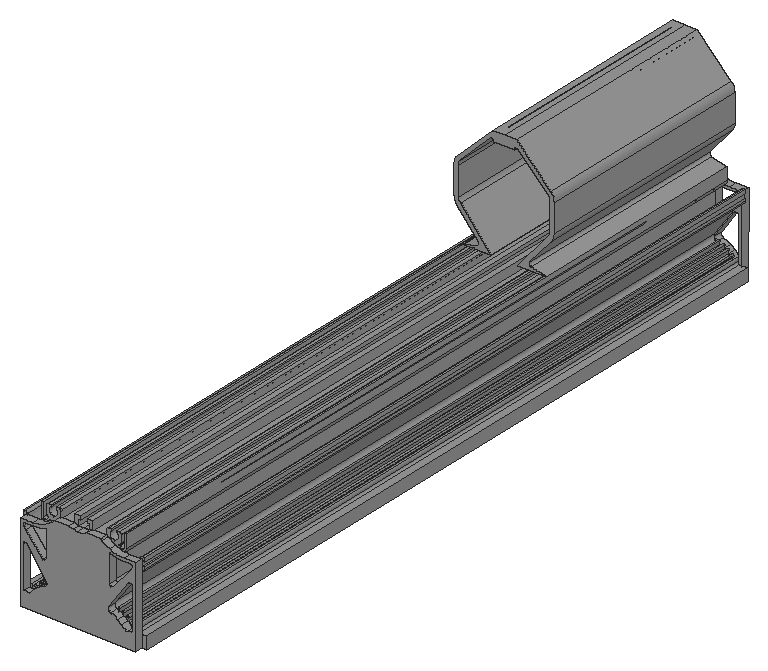
Revit family "L-street 24 Standart", category Осветительные приборы, Revit 2017 (continued)
Types (7, lengths in mm): name | built-in parameter 1150134 | Файл фотометрической сетки | built-in parameter 1150105 | Lumens | built-in parameter 1150106 | built-in parameter 1150142 | Wattage | built-in parameter 1150107 | Артикул
    2 11.457 11.457 0.00 0.00 0.00 0.00 0.00 0.00 0.00 0.00 0.00 0.00 0.00 0.00 0.00 0.00 0.00 0.00 0.00 0.00 0.00 \r\n0.00 0.00 0.00 0.00 0.00 0.00 0.00 0.00 0.00 0.00 0.00 0.00 0.00 0.00 0.00 0.00 0.00\r\n1229.747 1166.845 1129.611 1092.377 1059.153 1031.658 1004.735 975.521 942.87 907.928 867.83 824.295 781.333 727.488 641.564 \r\n544.757 462.843 394.104 336.248 279.539 229.13 190.178 170.129 155.236 136.332 113.992 92.225 71.603 55.564 44.68 34.942 26.923 \r\n20.049 14.893 12.602 11.457 11.457 0.00 0.00 0.00 0.00 0.00 0.00 0.00 0.00 0.00 0.00 0.00 0.00 0.00 0.00 0.00 0.00 0.00 0.00 0.00 \r\n0.00 0.00 0.00 0.00 0.00 0.00 0.00 0.00 0.00 0.00 0.00 0.00 0.00 0.00 0.00 0.00 0.00\r\n1229.747 1163.122 1125.029 1086.936 1053.998 1025.93 999.007 969.793 937.142 901.341 860.67 816.849 772.741 714.886 629.821 536.451\r\n 457.401 391.526 333.957 278.393 227.698 189.033 170.416 155.809 136.905 113.992 91.652 71.603 56.137 44.967 35.229 26.923 20.049 \r\n14.893 12.602 11.457 11.457 0.00 0.00 0.00 0.00 0.00 0.00 0.00 0.00 0.00 0.00 0.00 0.00 0.00 0.00 0.00 0.00 0.00 0.00 0.00 0.00 \r\n0.00 0.00 0.00 0.00 0.00 0.00 0.00 0.00 0.00 0.00 0.00 0.00 0.00 0.00 0.00 0.00\r\n1229.747 1159.398 1120.446 1081.494 1048.843 1020.201 993.279 964.064 931.413 894.753 853.509 809.402 764.149 702.283 618.078 \r\n528.145 451.959 388.948 331.666 277.247 226.266 187.887 170.702 156.381 137.478 113.992 91.079 71.603 56.71 45.253 35.515 26.923 \r\n20.049 14.893 12.602 11.457 11.457 0.00 0.00 0.00 0.00 0.00 0.00 0.00 0.00 0.00 0.00 0.00 0.00 0.00 0.00 0.00 0.00 0.00 0.00 0.00 \r\n0.00 0.00 0.00 0.00 0.00 0.00 0.00 0.00 0.00 0.00 0.00 0.00 0.00 0.00 0.00 0.00 0.00\r\n1229.747 1160.257 1120.733 1081.494 1048.557 1020.201 992.42 962.632 930.268 893.035 851.218 805.392 756.702 694.263 612.636 \r\n525.281 449.095 384.938 327.942 274.383 224.834 188.46 172.993 158.959 139.77 114.565 90.793 72.749 58.142 46.399 36.088 26.923 \r\n19.763 14.893 12.316 11.171 11.457 0.00 0.00 0.00 0.00 0.00 0.00 0.00 0.00 0.00 0.00 0.00 0.00 0.00 0.00 0.00 0.00 0.00 0.00 0.00 \r\n0.00 0.00 0.00 0.00 0.00 0.00 0.00 0.00 0.00 0.00 0.00 0.00 0.00 0.00 0.00 0.00 0.00\r\n1229.747 1161.116 1121.019 1081.494 1048.27 1020.201 991.56 961.20 929.122 891.316 848.927 801.382 749.255 686.244 607.195 522.416 \r\n446.231 380.929 324.219 271.519 223.402 189.032 175.284 161.537 142.061 115.138 90.506 73.894 59.574 47.544 36.661 26.923 19.476 \r\n14.893 12.029 10.884 11.457 0.00 0.00 0.00 0.00 0.00 0.00 0.00 0.00 0.00 0.00 0.00 0.00 0.00 0.00 0.00 0.00 0.00 0.00 0.00 0.00 \r\n0.00 0.00 0.00 0.00 0.00 0.00 0.00 0.00 0.00 0.00 0.00 0.00 0.00 0.00 0.00 0.00\r\n1229.747 1167.417 1127.034 1086.649 1051.707 1023.066 994.711 964.637 932.273 895.326 852.364 804.533 751.833 689.395 612.923 \r\n531.009 454.823 388.662 331.093 277.248 228.271 191.61 177.862 166.406 147.216 119.721 93.371 76.186 61.865 48.977 37.807 27.21 \r\n18.903 14.607 11.743 10.884 11.171 0.00 0.00 0.00 0.00 0.00 0.00 0.00 0.00 0.00 0.00 0.00 0.00 0.00 0.00 0.00 0.00 0.00 0.00 0.00 \r\n0.00 0.00 0.00 0.00 0.00 0.00 0.00 0.00 0.00 0.00 0.00 0.00 0.00 0.00 0.00 0.00 0.00\r\n1229.747 1173.718 1133.048 1091.804 1055.144 1025.93 997.861 968.074 935.423 899.335 855.801 807.683 754.411 692.545 618.651 \r\n539.601 463.415 396.395 337.967 282.976 233.14 194.188 180.44 171.275 152.371 124.303 96.235 78.477 64.156 50.409 38.952 27.496 \r\n18.33 14.321 11.457 10.884 10.884 0.00 0.00 0.00 0.00 0.00 0.00 0.00 0.00 0.00 0.00 0.00 0.00 0.00 0.00 0.00 0.00 0.00 0.00 0.00 \r\n0.00 0.00 0.00 0.00 0.00 0.00 0.00 0.00 0.00 0.00 0.00 0.00 0.00 0.00 0.00 0.00 0.00\r\n1229.747 1167.417 1127.033 1086.649 1051.707 1023.066 994.711 964.637 932.273 895.325 852.364 804.533 751.833 689.395 612.923 \r\n531.008 454.823 388.662 331.093 277.247 228.271 191.61 177.862 166.406 147.216 119.72 93.371 76.186 61.865 48.977 37.807 27.21 \r\n18.903 14.607 11.743 10.884 11.171 0.00 0.00 0.00 0.00 0.00 0.00 0.00 0.00 0.00 0.00 0.00 0.00 0.00 0.00 0.00 0.00 0.00 0.00 0.00 \r\n0.00 0.00 0.00 0.00 0.00 0.00 0.00 0.00 0.00 0.00 0.00 0.00 0.00 0.00 0.00 0.00 0.00\r\n1229.747 1161.116 1121.019 1081.494 1048.27 1020.201 991.56 961.20 929.122 891.316 848.927 801.382 749.255 686.244 607.195 522.416 \r\n446.231 380.929 324.219 271.519 223.402 189.032 175.284 161.537 142.061 115.138 90.506 73.894 59.574 47.544 36.661 26.923 19.476 \r\n14.893 12.029 10.884 11.457 0.00 0.00 0.00 0.00 0.00 0.00 0.00 0.00 0.00 0.00 0.00 0.00 0.00 0.00 0.00 0.00 0.00 0.00 0.00 0.00 \r\n0.00 0.00 0.00 0.00 0.00 0.00 0.00 0.00 0.00 0.00 0.00 0.00 0.00 0.00 0.00 0.00\r\n1229.747 1160.257 1120.733 1081.494 1048.557 1020.201 992.42 962.632 930.268 893.035 851.218 805.392 756.702 694.264 612.637 \r\n525.281 449.095 384.939 327.943 274.383 224.834 188.46 172.993 158.959 139.77 114.565 90.793 72.749 58.142 46.399 36.088 26.923 \r\n19.763 14.893 12.316 11.171 11.457 0.00 0.00 0.00 0.00 0.00 0.00 0.00 0.00 0.00 0.00 0.00 0.00 0.00 0.00 0.00 0.00 0.00 0.00 0.00 \r\n0.00 0.00 0.00 0.00 0.00 0.00 0.00 0.00 0.00 0.00 0.00 0.00 0.00 0.00 0.00 0.00 0.00\r\n1229.747 1159.398 1120.446 1081.494 1048.843 1020.201 993.279 964.064 931.413 894.753 853.509 809.402 764.149 702.283 618.078 \r\n528.145 451.959 388.948 331.666 277.247 226.266 187.887 170.702 156.381 137.478 113.992 91.079 71.603 56.71 45.253 35.515 26.923 \r\n20.049 14.893 12.602 11.457 11.457 0.00 0.00 0.00 0.00 0.00 0.00 0.00 0.00 0.00 0.00 0.00 0.00 0.00 0.00 0.00 0.00 0.00 0.00 0.00 \r\n0.00 0.00 0.00 0.00 0.00 0.00 0.00 0.00 0.00 0.00 0.00 0.00 0.00 0.00 0.00 0.00 0.00\r\n1229.747 1163.122 1125.029 1086.936 1053.998 1025.93 999.007 969.793 937.142 901.341 860.67 816.849 772.741 714.886 629.821 536.451\r\n 457.401 391.526 333.957 278.393 227.698 189.033 170.416 155.809 136.905 113.992 91.652 71.603 56.137 44.967 35.229 26.923 20.049 \r\n14.893 12.602 11.457 11.457 0.00 0.00 0.00 0.00 0.00 0.00 0.00 0.00 0.00 0.00 0.00 0.00 0.00 0.00 0.00 0.00 0.00 0.00 0.00 0.00 \r\n0.00 0.00 0.00 0.00 0.00 0.00 0.00 0.00 0.00 0.00 0.00 0.00 0.00 0.00 0.00 0.00\r\n1229.747 1166.845 1129.611 1092.377 1059.153 1031.658 1004.735 975.521 942.87 907.928 867.83 824.295 781.333 727.488 641.564 \r\n544.757 462.843 394.104 336.248 279.539 229.13 190.178 170.129 155.236 136.332 113.992 92.225 71.603 55.564 44.68 34.942 26.923 \r\n20.049 14.893 12.602 11.457 11.457 0.00 0.00 0.00 0.00 0.00 0.00 0.00 0.00 0.00 0.00 0.00 0.00 0.00 0.00 0.00 0.00 0.00 0.00 0.00 \r\n0.00 0.00 0.00 0.00 0.00 0.00 0.00 0.00 0.00 0.00 0.00 0.00 0.00 0.00 0.00 0.00 0.00\r\n1229.747 1166.272 1130.184 1094.096 1061.731 1034.522 1007.313 978.385 946.594 911.938 872.699 829.737 786.202 733.503 651.016 \r\n553.922 469.717 400.405 341.117 284.122 233.426 193.329 170.989 155.809 136.905 115.997 94.803 74.181 57.283 44.68 34.656 26.35 \r\n19.19 14.893 12.602 11.457 11.457 0.00 0.00 0.00 0.00 0.00 0.00 0.00 0.00 0.00 0.00 0.00 0.00 0.00 0.00 0.00 0.00 0.00 0.00 0.00 \r\n0.00 0.00 0.00 0.00 0.00 0.00 0.00 0.00 0.00 0.00 0.00 0.00 0.00 0.00 0.00 0.00 0.00\r\n1229.747 1165.699 1130.757 1095.814 1064.309 1037.386 1009.891 981.249 950.317 915.947 877.568 835.179 791.071 739.517 660.467 \r\n563.087 476.59 406.706 345.986 288.704 237.722 196.479 171.848 156.381 137.478 118.002 97.38 76.759 59.001 44.68 34.37 25.777 18.33\r\n 14.893 12.602 11.457 11.457 0.00 0.00 0.00 0.00 0.00 0.00 0.00 0.00 0.00 0.00 0.00 0.00 0.00 0.00 0.00 0.00 0.00 0.00 0.00 0.00 \r\n0.00 0.00 0.00 0.00 0.00 0.00 0.00 0.00 0.00 0.00 0.00 0.00 0.00 0.00 0.00 0.00\r\n1229.747 1174.005 1139.063 1105.266 1073.761 1045.979 1019.343 991.56 962.06 929.409 892.175 849.213 803.674 754.984 685.672 \r\n593.447 503.513 429.333 366.322 308.18 255.194 208.795 179.008 162.11 144.925 126.022 106.259 87.07 69.312 52.414 38.38 27.782 \r\n19.763 15.753 13.462 12.03 12.03 0.00 0.00 0.00 0.00 0.00 0.00 0.00 0.00 0.00 0.00 0.00 0.00 0.00 0.00 0.00 0.00 0.00 0.00 0.00 \r\n0.00 0.00 0.00 0.00 0.00 0.00 0.00 0.00 0.00 0.00 0.00 0.00 0.00 0.00 0.00 0.00 0.00\r\n1229.747 1182.311 1147.369 1114.717 1083.212 1054.571 1028.794 1001.871 973.803 942.87 906.782 863.247 816.276 770.45 710.876 \r\n623.806 530.436 451.959 386.657 327.656 272.665 221.11 186.168 167.838 152.371 134.041 115.138 97.38 79.623 60.147 42.389 29.787 \r\n21.195 16.612 14.321 12.602 12.602 0.00 0.00 0.00 0.00 0.00 0.00 0.00 0.00 0.00 0.00 0.00 0.00 0.00 0.00 0.00 0.00 0.00 0.00 0.00 \r\n0.00 0.00 0.00 0.00 0.00 0.00 0.00 0.00 0.00 0.00 0.00 0.00 0.00 0.00 0.00 0.00 0.00\r\n1229.747 1182.598 1149.087 1117.295 1086.649 1058.867 1033.09 1006.454 978.672 948.026 912.797 870.121 822.864 774.173 714.313 \r\n631.826 540.747 459.979 392.099 331.093 274.67 224.261 188.46 168.984 153.231 135.187 115.997 96.235 77.045 56.424 38.952 27.209 \r\n19.763 16.326 13.748 12.602 12.602 0.00 0.00 0.00 0.00 0.00 0.00 0.00 0.00 0.00 0.00 0.00 0.00 0.00 0.00 0.00 0.00 0.00 0.00 0.00 \r\n0.00 0.00 0.00 0.00 0.00 0.00 0.00 0.00 0.00 0.00 0.00 0.00 0.00 0.00 0.00 0.00 0.00\r\n1229.747 1182.884 1150.805 1119.873 1090.086 1063.163 1037.386 1011.036 983.541 953.181 918.811 876.995 829.451 777.896 717.75 \r\n639.846 551.058 467.998 397.541 334.53 276.674 227.412 190.751 170.129 154.09 136.332 116.856 95.089 74.467 52.70 35.515 24.631 \r\n18.33 16.039 13.175 12.602 12.602 0.00 0.00 0.00 0.00 0.00 0.00 0.00 0.00 0.00 0.00 0.00 0.00 0.00 0.00 0.00 0.00 0.00 0.00 0.00 \r\n0.00 0.00 0.00 0.00 0.00 0.00 0.00 0.00 0.00 0.00 0.00 0.00 0.00 0.00 0.00 0.00 0.00\r\n1229.747 1185.462 1155.102 1125.888 1096.96 1070.897 1045.406 1019.915 992.993 964.351 931.414 891.602 845.777 795.081 737.226 \r\n666.196 581.418 495.207 419.308 353.433 293.573 241.446 201.348 179.008 164.401 148.075 126.594 101.963 77.332 52.70 34.943 24.631 \r\n19.19 16.326 14.034 12.602 12.602 0.00 0.00 0.00 0.00 0.00 0.00 0.00 0.00 0.00 0.00 0.00 0.00 0.00 0.00 0.00 0.00 0.00 0.00 0.00 \r\n0.00 0.00 0.00 0.00 0.00 0.00 0.00 0.00 0.00 0.00 0.00 0.00 0.00 0.00 0.00 0.00 0.00\r\n1229.747 1188.039 1159.398 1131.902 1103.834 1078.63 1053.425 1028.794 1002.444 975.521 944.016 906.209 862.102 812.266 756.702 \r\n692.545 611.777 522.416 441.075 372.336 310.471 255.48 211.945 187.887 174.712 159.818 136.332 108.837 80.196 52.70 34.37 24.631 \r\n20.049 16.612 14.893 12.602 12.602 0.00 0.00 0.00 0.00 0.00 0.00 0.00 0.00 0.00 0.00 0.00 0.00 0.00 0.00 0.00 0.00 0.00 0.00 0.00 \r\n0.00 0.00 0.00 0.00 0.00 0.00 0.00 0.00 0.00 0.00 0.00 0.00 0.00 0.00 0.00 0.00 0.00\r\n1229.747 1192.335 1165.699 1139.349 1112.713 1087.795 1063.736 1039.678 1013.901 987.837 958.05 923.108 881.865 834.606 781.047 \r\n719.755 645.86 559.077 473.44 399.832 335.389 277.248 229.13 201.062 187.887 174.998 150.08 117.43 82.201 50.982 33.797 25.491 \r\n20.908 17.185 15.18 12.889 12.602 0.00 0.00 0.00 0.00 0.00 0.00 0.00 0.00 0.00 0.00 0.00 0.00 0.00 0.00 0.00 0.00 0.00 0.00 0.00 \r\n0.00 0.00 0.00 0.00 0.00 0.00 0.00 0.00 0.00 0.00 0.00 0.00 0.00 0.00 0.00 0.00 0.00\r\n1229.747 1196.631 1172.00 1146.796 1121.591 1096.96 1074.047 1050.561 1025.357 1000.152 972.084 940.006 901.627 856.946 805.392 \r\n746.964 679.943 595.738 505.804 427.327 360.307 299.015 246.315 214.237 201.062 190.178 163.828 126.022 84.205 49.263 33.224 26.35 \r\n21.767 17.758 15.466 13.175 12.602 0.00 0.00 0.00 0.00 0.00 0.00 0.00 0.00 0.00 0.00 0.00 0.00 0.00 0.00 0.00 0.00 0.00 0.00 0.00 \r\n0.00 0.00 0.00 0.00 0.00 0.00 0.00 0.00 0.00 0.00 0.00 0.00 0.00 0.00 0.00 0.00 0.00\r\n1229.747 1201.50 1179.161 1156.248 1132.189 1108.703 1086.649 1064.882 1041.11 1017.051 990.701 960.914 926.545 885.301 836.611 \r\n782.479 723.478 649.87 562.801 477.736 404.128 338.826 279.825 236.577 217.388 209.081 184.45 138.624 85.065 48.977 34.656 28.069 \r\n23.486 19.477 16.039 13.175 12.889 0.00 0.00 0.00 0.00 0.00 0.00 0.00 0.00 0.00 0.00 0.00 0.00 0.00 0.00 0.00 0.00 0.00 0.00 0.00 \r\n0.00 0.00 0.00 0.00 0.00 0.00 0.00 0.00 0.00 0.00 0.00 0.00 0.00 0.00 0.00 0.00 0.00\r\n1229.747 1206.369 1186.321 1165.699 1142.786 1120.446 1099.251 1079.202 1056.862 1033.949 1009.318 981.822 951.462 913.656 867.83 \r\n817.994 767.013 704.002 619.797 528.145 447.949 378.637 313.335 258.917 233.713 227.984 205.071 151.226 85.924 48.69 36.088 29.787 \r\n25.204 21.195 16.612 13.175 13.175 0.00 0.00 0.00 0.00 0.00 0.00 0.00 0.00 0.00 0.00 0.00 0.00 0.00 0.00 0.00 0.00 0.00 0.00 0.00 \r\n0.00 0.00 0.00 0.00 0.00 0.00 0.00 0.00 0.00 0.00 0.00 0.00 0.00 0.00 0.00 0.00 0.00\r\n1229.747 1209.234 1191.476 1172.573 1151.665 1131.33 1112.14 1093.237 1072.329 1050.275 1026.789 1001.012 973.23 938.86 897.904 \r\n852.65 805.965 748.969 673.929 585.714 499.217 423.318 353.147 291.855 255.194 240.30 209.081 144.352 78.191 47.831 36.375 30.074 \r\n25.777 21.481 17.185 14.034 13.175 0.00 0.00 0.00 0.00 0.00 0.00 0.00 0.00 0.00 0.00 0.00 0.00 0.00 0.00 0.00 0.00 0.00 0.00 0.00 \r\n0.00 0.00 0.00 0.00 0.00 0.00 0.00 0.00 0.00 0.00 0.00 0.00 0.00 0.00 0.00 0.00 0.00\r\n1229.747 1212.098 1196.631 1179.447 1160.543 1142.213 1125.028 1107.271 1087.795 1066.60 1044.26 1020.201 994.997 964.064 927.977 \r\n887.306 844.917 793.935 728.061 643.282 550.485 467.998 392.958 324.792 276.674 252.616 213.091 137.478 70.457 46.972 36.661 30.36 \r\n26.35 21.767 17.758 14.893 13.175 0.00 0.00 0.00 0.00 0.00 0.00 0.00 0.00 0.00 0.00 0.00 0.00 0.00 0.00 0.00 0.00 0.00 0.00 0.00 \r\n0.00 0.00 0.00 0.00 0.00 0.00 0.00 0.00 0.00 0.00 0.00 0.00 0.00 0.00 0.00 0.00 0.00\r\n1229.747 1215.821 1201.787 1186.894 1169.709 1153.097 1137.631 1121.305 1103.834 1084.072 1062.591 1039.964 1016.765 988.696 \r\n956.618 921.676 884.442 841.194 785.344 711.449 623.52 535.592 453.964 377.778 313.049 266.937 211.946 132.036 70.457 47.258 37.52 \r\n31.219 26.637 22.34 17.758 14.893 13.748 0.00 0.00 0.00 0.00 0.00 0.00 0.00 0.00 0.00 0.00 0.00 0.00 0.00 0.00 0.00 0.00 0.00 0.00 \r\n0.00 0.00 0.00 0.00 0.00 0.00 0.00 0.00 0.00 0.00 0.00 0.00 0.00 0.00 0.00 0.00 0.00 0.00\r\n1229.747 1219.544 1206.942 1194.34 1178.874 1163.98 1150.233 1135.339 1119.873 1101.543 1080.921 1059.726 1038.532 1013.327 985.259\r\n 956.045 923.967 888.452 842.626 779.615 696.555 603.185 514.97 430.764 349.423 281.257 210.80 126.594 70.457 47.544 38.379 32.078 \r\n26.923 22.913 17.758 14.893 14.321 0.00 0.00 0.00 0.00 0.00 0.00 0.00 0.00 0.00 0.00 0.00 0.00 0.00 0.00 0.00 0.00 0.00 0.00 0.00 \r\n0.00 0.00 0.00 0.00 0.00 0.00 0.00 0.00 0.00 0.00 0.00 0.00 0.00 0.00 0.00 0.00 0.00\r\n1229.747 1223.554 1212.671 1201.787 1188.899 1176.869 1165.127 1152.524 1138.776 1122.738 1104.407 1084.931 1064.882 1041.396 \r\n1018.197 995.284 971.798 946.307 913.084 866.112 800.523 717.75 625.525 527.858 424.75 321.069 219.106 128.026 73.035 48.69 39.811 \r\n33.51 28.642 23.772 18.617 15.466 14.607 0.00 0.00 0.00 0.00 0.00 0.00 0.00 0.00 0.00 0.00 0.00 0.00 0.00 0.00 0.00 0.00 0.00 0.00 \r\n0.00 0.00 0.00 0.00 0.00 0.00 0.00 0.00 0.00 0.00 0.00 0.00 0.00 0.00 0.00 0.00 0.00 0.00\r\n1229.747 1227.564 1218.399 1209.234 1198.923 1189.758 1180.02 1169.709 1157.679 1143.932 1127.892 1110.135 1091.232 1069.464 \r\n1051.134 1034.522 1019.629 1004.162 983.541 952.608 904.491 832.315 736.08 624.952 500.076 360.88 227.412 129.458 75.613 49.836 \r\n41.243 34.942 30.36 24.631 19.476 16.039 14.893 0.00 0.00 0.00 0.00 0.00 0.00 0.00 0.00 0.00 0.00 0.00 0.00 0.00 0.00 0.00 0.00 \r\n0.00 0.00 0.00 0.00 0.00 0.00 0.00 0.00 0.00 0.00 0.00 0.00 0.00 0.00 0.00 0.00 0.00 0.00 0.00 0.00\r\n1229.747 1232.433 1224.70 1218.113 1210.38 1203.506 1196.346 1188.326 1178.015 1166.845 1154.529 1139.636 1121.878 1102.688 \r\n1086.649 1073.188 1063.45 1055.717 1046.838 1031.658 1005.022 960.055 891.316 796.227 667.055 499.79 311.044 161.537 84.492 54.132 \r\n43.821 37.52 32.651 27.209 20.622 16.326 15.466 0.00 0.00 0.00 0.00 0.00 0.00 0.00 0.00 0.00 0.00 0.00 0.00 0.00 0.00 0.00 0.00 \r\n0.00 0.00 0.00 0.00 0.00 0.00 0.00 0.00 0.00 0.00 0.00 0.00 0.00 0.00 0.00 0.00 0.00 0.00 0.00 0.00\r\n1229.747 1237.302 1231.001 1226.991 1221.836 1217.253 1212.671 1206.942 1198.35 1189.758 1181.165 1169.136 1152.524 1135.912 \r\n1122.164 1111.853 1107.271 1107.271 1110.135 1110.708 1105.552 1087.795 1046.551 967.501 834.033 638.70 394.676 193.615 93.37 \r\n58.428 46.399 40.098 34.942 29.787 21.767 16.612 16.039 0.00 0.00 0.00 0.00 0.00 0.00 0.00 0.00 0.00 0.00 0.00 0.00 0.00 0.00 0.00 \r\n0.00 0.00 0.00 0.00 0.00 0.00 0.00 0.00 0.00 0.00 0.00 0.00 0.00 0.00 0.00 0.00 0.00 0.00 0.00 0.00 0.00\r\n12
